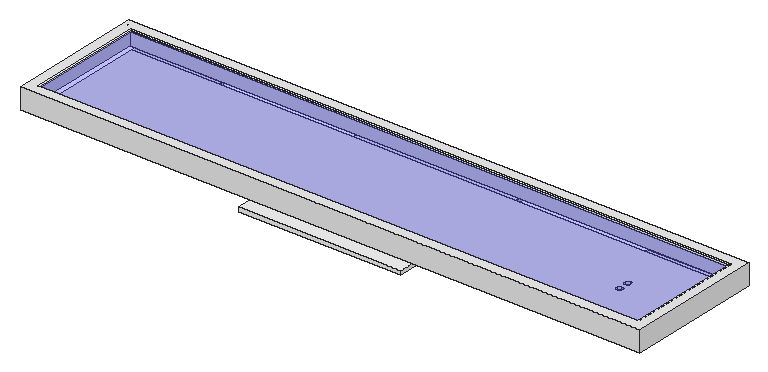
Revit family "BE_33312_de_DE", category Leuchten, Revit 2015
Parameters (values of type "BEGA_33312_Weiß_K4")
  built-in parameter 1150104 = 13.494 (stored number, unit not read)
  Wattage = 107.4 W
  Default Elevation = 0 mm
  built-in parameter 1150113 = 1 (stored number, unit not read)
  built-in parameter 1114218 = 1 (stored number, unit not read)
  Umgebungstemperatur = ""
  URL = "http://www.bega.de/produkt/33312"
  Typenkommentare = "© 2015 BEGA. Wir behalten uns das Recht vor, technische Änderungen ohne vorherige Ankündigung vorzunehmen."  # constant formula
  Type Image = 33312.png
  built-in parameter 1150134 = 12
  built-in parameter 1150109 = 1 (stored number, unit not read)
  Strom = ""
  built-in parameter 1150110 = 1 (stored number, unit not read)
  Spannung = 0 V
  Sonderanfertigung = no
  Seriennummer [instance] = "Hier können Sie die eindeutige Seriennummer für das Facility Management eintragen."
  Schutzklasse = "I"
  Schutzart = "IP 65"
  Scheinlast = 0 VA
  Produktdatenblatt = "http://www.bega.de/download/datenblaetter/de/33312.pdf"
  Oberflächentemperatur = ""
  Neigungswinkel = 0.00°
  Modell = "33312WK4"
  Material_17 = BEGA_Reflektor
  Material_15 = BEGA_Leuchtmedium_matt
  Material_11 = BEGA_Glas_opal
  Material_09 = BEGA_Glas_klar
  Material_06 = BEGA_Oberfläche_Edelstahl_gebürstet
  Material_03 = BEGA_Oberfläche_Weiss_matt
  Material_02 = BEGA_Oberfläche_Silber_matt
  Material_01 [instance] = BEGA_Oberfläche_Grafit_matt
  M_W = yes
  M_G = no
  M_A = no
  Logo = 0
  built-in parameter 1114217 = 1 (stored number, unit not read)
  built-in parameter 1150139 = (empty or 0)
  built-in parameter 1150105 = 1241.4 (stored number, unit not read)
  built-in parameter 1150114 = 1 (stored number, unit not read)
  Lumens = 15599.9 lm
  built-in parameter 1150115 = 1 (stored number, unit not read)
  Leuchtenlichtstrom = "6916 lm"
  Leuchtenanzahl = ""
  Lebensdauerkriterien = "L70 = 50.000 h"
  Lastklassifizierung = Beleuchtung
  built-in parameter 1150112 = 1 (stored number, unit not read)
  Lampenlichtstrom = "15600 lm"
  Lampe = "LED 107.4 W"
  LED_Modulbezeichnung = "6x LED-0466/840 "
  built-in parameter 1150142 = (empty or 0)
  Hersteller = "BEGA"  # constant formula
  Halbstreuwinkel = ""
  Gewicht = ""
  Gebrauchslageneinschränkung [instance] = ""
  Frequenz = "0/50-60 Hz"
  Farbwiedergabeindex = "Ra > 80"
  Farbtemperaturverschiebung bei Dämpfen der Lampe = <Keine Auswahl>
  Farbtemperatur = "4000 K"
  Color Filter = 16777215
  built-in parameter 1150133 = 10 (stored number, unit not read)
  Energieeffizienzklasse = "LED A++ - A"
  built-in parameter 1150137 = (empty or 0)
  built-in parameter 1150132 = (empty or 0)
  ENEC = ""
  Dimmbar [instance] = "1-10 V SELV + DALI"
  Datei für fotometrisches Netz = "BE_33312K4.IES"
  CE_Konformität = "ja"
  Bestellnummer = "33312WK4"
  Beschreibung_Sonderanfertigung = "Hier können Sie Informationen zur Sonderanfertigung eintragen."
  Beschreibung = "Decken- und Wandleuchte"
  built-in parameter 1150106 = 12.414 (stored number, unit not read)
  Befestigungsbohrung = "Ø 7 mm"
  Befestigungsabstand = ""
  Ballwurfsicher = ""
  BEGA_Intern_aus = yes
  BEGA_Intern_an = yes
  BEGA_Intern_Konstruktion = yes
  BEGA_Intern = yes
  BEGA_IES = yes
  BEGA_Dummy = no
  Anschlussleitung = ""
  Anschlussleistung [instance] = "122 W"
  Anschlusskasten = ""
  built-in parameter 1150107 = 4000 (stored number, unit not read)
  built-in parameter 1150102 = (empty or 0)
  built-in parameter 1150138 = (empty or 0)
  Aktualisierung = "2016-04-15T04:10:41"
  Abstand_zur_angestrahlten_Fläche [instance] = ""
  AC/DC = "AC/DC"
Types (6, lengths in mm): name | built-in parameter 1150104 | built-in parameter 1150134 | Modell | M_W | M_G | M_A | built-in parameter 1150105 | Lumens | Leuchtenlichtstrom | Lampenlichtstrom | LED_Modulbezeichnung | Farbtemperatur | Datei für fotometrisches Netz | Bestellnummer | built-in parameter 1150106 | built-in parameter 1150107
  BEGA_33312_Grafit_K3 | 13.8 (stored number, unit not read) | (empty or 0) | "33312" | no | yes | no | 1269.5 (stored number, unit not read) | 15953.4 lm | "6331 lm" | "14280 lm" | "6x LED-0466/830 " | "3000 K" | "BE_33312.IES" | "33312" | 12.695 (stored number, unit not read) | 3000 (stored number, unit not read)
  BEGA_33312_Silber_K3 | 12.352 (stored number, unit not read) | (empty or 0) | "33312A" | no | no | yes | 1136.4 (stored number, unit not read) | 14279.9 lm | "6331 lm" | "14280 lm" | "6x LED-0466/830 " | "3000 K" | "BE_33312.IES" | "33312A" | 11.364 (stored number, unit not read) | 3000 (stored number, unit not read)
  BEGA_33312_Silber_K4 | 13.494 (stored number, unit not read) | 12 | "33312AK4" | no | no | yes | 1241.4 (stored number, unit not read) | 15599.9 lm | "6916 lm" | "15600 lm" | "6x LED-0466/840 " | "4000 K" | "BE_33312K4.IES" | "33312AK4" | 12.414 (stored number, unit not read) | 4000 (stored number, unit not read)
  BEGA_33312_Weiß_K4 | 13.494 (stored number, unit not read) | 12 | "33312WK4" | yes | no | no | 1241.4 (stored number, unit not read) | 15599.9 lm | "6916 lm" | "15600 lm" | "6x LED-0466/840 " | "4000 K" | "BE_33312K4.IES" | "33312WK4" | 12.414 (stored number, unit not read) | 4000 (stored number, unit not read)
  BEGA_33312_Weiß_K3 | 12.352 (stored number, unit not read) | (empty or 0) | "33312W" | yes | no | no | 1136.4 (stored number, unit not read) | 14279.9 lm | "6331 lm" | "14280 lm" | "6x LED-0466/830 " | "3000 K" | "BE_33312.IES" | "33312W" | 11.364 (stored number, unit not read) | 3000 (stored number, unit not read)
  BEGA_33312_Grafit_K4 | 13.494 (stored number, unit not read) | 12 | "33312K4" | no | yes | no | 1241.4 (stored number, unit not read) | 15599.9 lm | "6916 lm" | "15600 lm" | "6x LED-0466/840 " | "4000 K" | "BE_33312K4.IES" | "33312K4" | 12.414 (stored number, unit not read) | 4000 (stored number, unit not read)
Reference planes
  plane 1 "Mitte (Vorne/Hinten)": y = 0
  plane 2: z = 0
  plane 3 "Mitte (Links/Rechts)": x = 0
  plane 4 "Links": x = -768.25
  plane 5 "Rechts": x = 768.25
  plane 6 "Unten": y = -168.25
  plane 7 "Oben": y = 168.25
  plane 8 "Vorne": z = 54.35
Forms (mm)
  Extrusion 1, solid, material "BEGA_Platte_Weiss"
    sketch origin (0, -1119.2, 0) x (1, 0, 0) y (0, 1, 0)
      loop
        line (-200, 1319.2) -> (-200, 919.2) -> (200, 919.2) -> (200, 1319.2) -> (-200, 1319.2)
    from 0 to -10
  Extrusion 2, solid, material "BEGA_Dummy_matt", visible <- "BEGA_Dummy"
    sketch origin (80.095, -76.023, 0) x (1, 0, 0) y (0, 1, 0)
      loop
        line (-848.345, 244.273) -> (-848.345, -92.227) -> (688.155, -92.227) -> (688.155, 244.273) -> (-848.345, 244.273)
    from 0 to 54.35
Dimensions and locks
  plane 1 "Mitte (Vorne/Hinten)" to Extrusion 1 = 200 mm
  aligned and locked: plane 2 to Extrusion 1
  aligned and locked: level to Extrusion 1
Nested families
  nested 1: "BE_33312" at (0, 0, 0), type "BE_33312"
Connectors
  electrical at (0, 0, 0), driven by "Lastklassifizierung", driven by "Spannung", driven by "Scheinlast"
    settings: index 1, voltage 0 V, apparent load 0 VA, apparent load phase1 0 VA, apparent load phase2 0 VA, apparent load phase3 0 VA, power factor 1, load classification "Beleuchtung", number of poles 1, system type 31, power factor state 1, is connector primary yes, connector utility no, sub classification motor no, connector description ""
Definition of nested family "BE_33312"
  Parameters (values of type "BE_33312")
    Default Elevation = 1 mm
    URL = "http://www.bega.de/de/produkt"
    Type Comments = "© 2015 BEGA. Wir behalten uns das Recht vor, technische Änderungen ohne vorherige Ankündigung vorzunehmen. "  # constant formula
    Type Image = (empty or 0)
    Material_17 = none
    Material_15 = none
    Material_11 = none
    Material_09 = none
    Material_06 = none
    Material_03 = none
    Material_02 = none
    Material_01 = none
    M_W = yes
    M_G = yes
    M_A = yes
    Länge_Platte = 1600 mm  # constant formula
    Höhe_Platte = -10 mm  # constant formula
    Manufacturer = "BEGA"  # constant formula
    Breite_Platte = 500 mm  # constant formula
  Reference planes
    plane 1 "Mitte (Oben/Unten)": y = 0
    plane 2: z = 0
    plane 3 "Mitte (Links/Rechts)": x = 0
    plane 4 "Vorne": z = 54.35
    plane 5 "Hinten": z = 0
    plane 6: x = -768.25
    plane 7: x = 768.25
    plane 8: y = -168.25
    plane 9: y = 168.25
  Forms (mm)
    Extrusion 1, solid, detail levels medium
      sketch origin (0, 0, 0) x (1, 0, 0) y (0, 1, 0)
        loop
          line (-800, 250) -> (-800, -250) -> (800, -250) -> (800, 250) -> (-800, 250)
      from 0 to -10 <- "Höhe_Platte"
    Sweep 2, solid, material <- "Material_01", visible <- "M_G", detail levels medium+fine
      path origin (0, 0, 0) x (1, 0, 0) y (0, 1, 0)
        loop
          line (-768.25, 168.25) -> (-768.25, -168.25) -> (768.25, -168.25) -> (768.25, 168.25) -> (-768.25, 168.25)
      profile origin (-768.25, 0, 0) x (1, 0, 0) y (0, 0, 1)
        loop
          line (0, 54.35) -> (0, 3.35) -> (8, 3.35) -> (8, 52.05) -> (24, 52.05) -> (24, 48.85) -> (26.5, 48.85) -> (26.5, 51.85) -> (24, 54.35) -> (0, 54.35)
    Extrusion 3, solid, material <- "Material_01", visible <- "M_G", detail levels medium+fine
      sketch origin (0, 0, 0) x (0, 1, 0) y (0, 0, -1)
        loop
          line (159.214, -4) -> (159.214, 0) -> (111.759, 0) -> (111.76, -4) -> (159.214, -4)
      from 527 to 745.75
    Extrusion 4, solid, material <- "Material_01", visible <- "M_G", detail levels medium+fine
      sketch origin (0, 0, 0) x (0, 1, 0) y (0, 0, 1)
        loop
          line (159.214, 4) -> (111.76, 4) -> (111.759, 0) -> (159.214, 0) -> (159.214, 4)
      from 527 to 745.75
    Extrusion 5, solid, material <- "Material_01", visible <- "M_G", detail levels medium+fine
      sketch origin (0, 0, 0) x (0, 1, 0) y (0, 0, 1)
        loop
          line (-114.387, 4) -> (-151.8, 4) -> (-154.716, 9.051)
          arc (-154.716, 9.051) -> (-155.216, 10.257) -> (-155.386, 11.551) r 5
          line (-155.386, 11.551) -> (-155.386, 13.5) -> (-159.886, 13.5) -> (-159.886, 10.006) -> (-155.553, 2.5)
          arc (-155.553, 2.5) -> (-153.723, 0.67) -> (-151.223, 0) r 5
          line (-151.223, 0) -> (-114.386, 0) -> (-114.387, 4)
      from -600 to 600
    Extrusion 6, solid, material <- "Material_01", visible <- "M_G", detail levels medium+fine
      sketch origin (0, 0, 0) x (1, 0, 0) y (0, 0, 1)
        loop
          line (-733.01, 11.35) -> (733.16, 11.35) -> (733.16, 15.35) -> (-733.01, 15.35) -> (-733.01, 11.35)
      from -132.954 to 132.914
    Extrusion 7, solid, material <- "Material_11", detail levels medium+fine
      sketch origin (0, 0, 0) x (1, 0, 0) y (0, 0, 1)
        loop
          line (-750, 48.55) -> (-750, 44.35) -> (750, 44.35) -> (750, 48.55) -> (-750, 48.55)
      from -149.975 to 150.009
    Sweep 8, solid, material <- "Material_02", visible <- "M_A", detail levels medium+fine
      path origin (0, 0, 0) x (1, 0, 0) y (0, 1, 0)
        loop
          line (-768.25, 168.25) -> (-768.25, -168.25) -> (768.25, -168.25) -> (768.25, 168.25) -> (-768.25, 168.25)
      profile origin (-768.25, 0, 0) x (1, 0, 0) y (0, 0, 1)
        loop
          line (0, 54.35) -> (0, 3.35) -> (8, 3.35) -> (8, 52.05) -> (24, 52.05) -> (24, 48.85) -> (26.5, 48.85) -> (26.5, 51.85) -> (24, 54.35) -> (0, 54.35)
    Extrusion 9, solid, material <- "Material_02", visible <- "M_A", detail levels medium+fine
      sketch origin (0, 0, 0) x (0, 1, 0) y (0, 0, -1)
        loop
          line (159.214, -4) -> (159.214, 0) -> (111.759, 0) -> (111.76, -4) -> (159.214, -4)
      from 527 to 745.75
    Extrusion 10, solid, material <- "Material_02", visible <- "M_A", detail levels medium+fine
      sketch origin (0, 0, 0) x (0, 1, 0) y (0, 0, 1)
        loop
          line (159.214, 4) -> (111.76, 4) -> (111.759, 0) -> (159.214, 0) -> (159.214, 4)
      from 527 to 745.75
    Extrusion 11, solid, material <- "Material_02", visible <- "M_A", detail levels medium+fine
      sketch origin (0, 0, 0) x (0, 1, 0) y (0, 0, 1)
        loop
          line (-114.387, 4) -> (-151.8, 4) -> (-154.716, 9.051)
          arc (-154.716, 9.051) -> (-155.216, 10.257) -> (-155.386, 11.551) r 5
          line (-155.386, 11.551) -> (-155.386, 13.5) -> (-159.886, 13.5) -> (-159.886, 10.006) -> (-155.553, 2.5)
          arc (-155.553, 2.5) -> (-153.723, 0.67) -> (-151.223, 0) r 5
          line (-151.223, 0) -> (-114.386, 0) -> (-114.387, 4)
      from -600 to 600
    Extrusion 12, solid, material <- "Material_02", visible <- "M_A", detail levels medium+fine
      sketch origin (0, 0, 0) x (1, 0, 0) y (0, 0, 1)
        loop
          line (-733.01, 11.35) -> (733.16, 11.35) -> (733.16, 15.35) -> (-733.01, 15.35) -> (-733.01, 11.35)
      from -132.954 to 132.914
    Sweep 13, solid, material <- "Material_03", visible <- "M_W", detail levels medium+fine
      path origin (0, 0, 0) x (1, 0, 0) y (0, 1, 0)
        loop
          line (-768.25, 168.25) -> (-768.25, -168.25) -> (768.25, -168.25) -> (768.25, 168.25) -> (-768.25, 168.25)
      profile origin (-768.25, 0, 0) x (1, 0, 0) y (0, 0, 1)
        loop
          line (0, 54.35) -> (0, 3.35) -> (8, 3.35) -> (8, 52.05) -> (24, 52.05) -> (24, 48.85) -> (26.5, 48.85) -> (26.5, 51.85) -> (24, 54.35) -> (0, 54.35)
    Extrusion 14, solid, material <- "Material_03", visible <- "M_W", detail levels medium+fine
      sketch origin (0, 0, 0) x (0, 1, 0) y (0, 0, -1)
        loop
          line (159.214, -4) -> (159.214, 0) -> (111.759, 0) -> (111.76, -4) -> (159.214, -4)
      from 527 to 745.75
    Extrusion 15, solid, material <- "Material_03", visible <- "M_W", detail levels medium+fine
      sketch origin (0, 0, 0) x (0, 1, 0) y (0, 0, 1)
        loop
          line (159.214, 4) -> (111.76, 4) -> (111.759, 0) -> (159.214, 0) -> (159.214, 4)
      from 527 to 745.75
    Extrusion 16, solid, material <- "Material_03", visible <- "M_W", detail levels medium+fine
      sketch origin (0, 0, 0) x (0, 1, 0) y (0, 0, 1)
        loop
          line (-114.387, 4) -> (-151.8, 4) -> (-154.716, 9.051)
          arc (-154.716, 9.051) -> (-155.216, 10.257) -> (-155.386, 11.551) r 5
          line (-155.386, 11.551) -> (-155.386, 13.5) -> (-159.886, 13.5) -> (-159.886, 10.006) -> (-155.553, 2.5)
          arc (-155.553, 2.5) -> (-153.723, 0.67) -> (-151.223, 0) r 5
          line (-151.223, 0) -> (-114.386, 0) -> (-114.387, 4)
      from -600 to 600
    Extrusion 17, solid, material <- "Material_03", visible <- "M_W", detail levels medium+fine
      sketch origin (0, 0, 0) x (1, 0, 0) y (0, 0, 1)
        loop
          line (-733.01, 11.35) -> (733.16, 11.35) -> (733.16, 15.35) -> (-733.01, 15.35) -> (-733.01, 11.35)
      from -132.954 to 132.914
    Extrusion 18, void
      sketch origin (0, 0, 0) x (1, 0, 0) y (0, 1, 0)
        loop
          line (-711.5, 131.714) -> (-711.5, 137.714)
          arc (-711.5, 137.714) -> (-715, 141.214) -> (-718.5, 137.714) r 3.5
          line (-718.5, 137.714) -> (-718.5, 131.714)
          arc (-718.5, 131.714) -> (-715, 128.214) -> (-711.5, 131.714) r 3.5
        loop
          arc (-568.5, 131.714) -> (-565, 128.214) -> (-561.5, 131.714) r 3.5
          line (-561.5, 131.714) -> (-561.5, 137.714)
          arc (-561.5, 137.714) -> (-565, 141.214) -> (-568.5, 137.714) r 3.5
          line (-568.5, 137.714) -> (-568.5, 131.714)
        loop
          line (568.5, 131.714) -> (568.5, 137.714)
          arc (568.5, 137.714) -> (565, 141.214) -> (561.5, 137.714) r 3.5
          line (561.5, 137.714) -> (561.5, 131.714)
          arc (561.5, 131.714) -> (565, 128.214) -> (568.5, 131.714) r 3.5
        loop
          arc (711.5, 131.714) -> (715, 128.214) -> (718.5, 131.714) r 3.5
          line (718.5, 131.714) -> (718.5, 137.714)
          arc (718.5, 137.714) -> (715, 141.214) -> (711.5, 137.714) r 3.5
          line (711.5, 137.714) -> (711.5, 131.714)
        loop
          arc (-516.5, -137.25) -> (-520, -133.75) -> (-523.5, -137.25) r 3.5
          line (-523.5, -137.25) -> (-523.5, -143.25)
          arc (-523.5, -143.25) -> (-520, -146.75) -> (-516.5, -143.25) r 3.5
          line (-516.5, -143.25) -> (-516.5, -137.25)
        loop
          arc (-266.5, -137.25) -> (-270, -133.75) -> (-273.5, -137.25) r 3.5
          line (-273.5, -137.25) -> (-273.5, -143.25)
          arc (-273.5, -143.25) -> (-270, -146.75) -> (-266.5, -143.25) r 3.5
          line (-266.5, -143.25) -> (-266.5, -137.25)
        loop
          arc (273.5, -137.25) -> (270, -133.75) -> (266.5, -137.25) r 3.5
          line (266.5, -137.25) -> (266.5, -143.25)
          arc (266.5, -143.25) -> (270, -146.75) -> (273.5, -143.25) r 3.5
          line (273.5, -143.25) -> (273.5, -137.25)
        loop
          arc (516.5, -143.25) -> (520, -146.75) -> (523.5, -143.25) r 3.5
          line (523.5, -143.25) -> (523.5, -137.25)
          arc (523.5, -137.25) -> (520, -133.75) -> (516.5, -137.25) r 3.5
          line (516.5, -137.25) -> (516.5, -143.25)
      from 0 to 8.823
    Extrusion 19, void
      sketch origin (0, 0, 0) x (1, 0, 0) y (0, 1, 0)
        loop
          circle (593.864, 13.251) r 7.5
        loop
          circle (593.864, -13.251) r 7.5
      from 6.807 to 25.968
  Cuts and joins
    Extrusion 18, Extrusion 19 cuts Sweep 2
    Extrusion 18, Extrusion 19 cuts Extrusion 3
    Extrusion 18, Extrusion 19 cuts Extrusion 4
    Extrusion 18, Extrusion 19 cuts Extrusion 5
    Extrusion 18, Extrusion 19 cuts Extrusion 6
    joined: Sweep 2, Extrusion 3, Extrusion 4, Extrusion 5, Extrusion 6
    Extrusion 18, Extrusion 19 cuts Sweep 8
    Extrusion 18, Extrusion 19 cuts Extrusion 9
    Extrusion 18, Extrusion 19 cuts Extrusion 10
    Extrusion 18, Extrusion 19 cuts Extrusion 11
    Extrusion 18, Extrusion 19 cuts Extrusion 12
    joined: Sweep 8, Extrusion 9, Extrusion 10, Extrusion 11, Extrusion 12
    Extrusion 18, Extrusion 19 cuts Sweep 13
    Extrusion 18, Extrusion 19 cuts Extrusion 14
    Extrusion 18, Extrusion 19 cuts Extrusion 15
    Extrusion 18, Extrusion 19 cuts Extrusion 16
    Extrusion 18, Extrusion 19 cuts Extrusion 17
    joined: Sweep 13, Extrusion 14, Extrusion 15, Extrusion 16, Extrusion 17
    Extrusion 18, Extrusion 19 cuts Extrusion 7
  Dimensions and locks
    equal spacing: Extrusion 1 sketch curve, plane 3 "Mitte (Links/Rechts)", Extrusion 1 sketch curve
    equal spacing: Extrusion 1 sketch curve, plane 1 "Mitte (Oben/Unten)", Extrusion 1 sketch curve
    "Länge_Platte": Extrusion 1 sketch curve to Extrusion 1 sketch curve
    "Breite_Platte": Extrusion 1 sketch curve to Extrusion 1 sketch curve
    level to Extrusion 17 = 15.35 mm
    aligned and locked: Extrusion 1 to plane 2
    aligned and locked: level to Extrusion 1
  Automatic sketch dimensions
    profile plane to Sweep 2 sketch curve = 0 mm
    Sweep 2 sketch curve to profile plane = 8 mm
    Sweep 2 sketch curve to Sweep 2 sketch curve = 16 mm
    Sweep 2 sketch curve to Sweep 2 sketch curve = 0 mm
    Sweep 2 sketch curve to Sweep 2 sketch curve = 2.5 mm
    level to Sweep 2 sketch curve = 3.35 mm
    Sweep 2 sketch curve to Sweep 2 sketch curve = 45.5 mm
    Sweep 2 sketch curve to Sweep 2 sketch curve = 3 mm
    Sweep 2 sketch curve to Sweep 2 sketch curve = 3.2 mm
    Sweep 2 sketch curve to Sweep 2 sketch curve = 2.3 mm
    Extrusion 3 sketch curve to level = 0 mm
    level to Extrusion 3 sketch curve = 4 mm
    Extrusion 3 sketch curve to Extrusion 3 sketch curve = 0.001 mm
    Extrusion 4 sketch curve to level = 0 mm
    level to Extrusion 4 sketch curve = 4 mm
    Extrusion 4 sketch curve to Extrusion 4 sketch curve = 0.001 mm
    level to Extrusion 5 sketch curve = 5 mm
    level to Extrusion 5 sketch curve = 2.5 mm  (x2)
    Extrusion 5 sketch curve to Extrusion 5 sketch curve = 0.577 mm
    Extrusion 5 sketch curve to Extrusion 5 sketch curve = 37.413 mm
    level to Extrusion 5 sketch curve = 4 mm
    Extrusion 5 sketch curve to Extrusion 5 sketch curve = 0.001 mm
    Extrusion 5 sketch curve to Extrusion 5 sketch curve = 4.333 mm
    Extrusion 5 sketch curve to Extrusion 5 sketch curve = 7.506 mm
    Extrusion 5 sketch curve to Extrusion 5 sketch curve = 0 mm  (x2)
    Extrusion 5 sketch curve to Extrusion 5 sketch curve = 5.17 mm
    Extrusion 5 sketch curve to Extrusion 5 sketch curve = 3.494 mm
    Extrusion 5 sketch curve to Extrusion 5 sketch curve = 0.67 mm
    Extrusion 5 sketch curve to Extrusion 5 sketch curve = 4.449 mm
    Extrusion 5 sketch curve to Extrusion 5 sketch curve = 1.949 mm
    Extrusion 5 sketch curve to Extrusion 5 sketch curve = 5 mm
    Extrusion 5 sketch curve to level = 0 mm
    Extrusion 6 sketch curve to Extrusion 6 sketch curve = 4 mm
    Extrusion 6 sketch curve to Extrusion 6 sketch curve = 1466.17 mm
    level to Extrusion 6 sketch curve = 11.35 mm
    level to Extrusion 7 sketch curve = 48.55 mm
    Extrusion 7 sketch curve to Extrusion 7 sketch curve = 4.2 mm
    profile plane to Sweep 8 sketch curve = 0 mm
    Sweep 8 sketch curve to profile plane = 8 mm
    Sweep 8 sketch curve to Sweep 8 sketch curve = 16 mm
    Sweep 8 sketch curve to Sweep 8 sketch curve = 0 mm
    Sweep 8 sketch curve to Sweep 8 sketch curve = 2.5 mm
    level to Sweep 8 sketch curve = 3.35 mm
    Sweep 8 sketch curve to Sweep 8 sketch curve = 45.5 mm
    Sweep 8 sketch curve to Sweep 8 sketch curve = 3 mm
    Sweep 8 sketch curve to Sweep 8 sketch curve = 3.2 mm
    Sweep 8 sketch curve to Sweep 8 sketch curve = 2.3 mm
    Extrusion 9 sketch curve to level = 0 mm
    level to Extrusion 9 sketch curve = 4 mm
    Extrusion 9 sketch curve to Extrusion 9 sketch curve = 0.001 mm
    Extrusion 10 sketch curve to level = 0 mm
    level to Extrusion 10 sketch curve = 4 mm
    Extrusion 10 sketch curve to Extrusion 10 sketch curve = 0.001 mm
    Extrusion 11 sketch curve to level = 0 mm
    level to Extrusion 11 sketch curve = 10.006 mm
    Extrusion 11 sketch curve to Extrusion 11 sketch curve = 4.5 mm
    level to Extrusion 11 sketch curve = 4 mm
    Extrusion 11 sketch curve to Extrusion 11 sketch curve = 3.586 mm
    Extrusion 11 sketch curve to Extrusion 11 sketch curve = 0.577 mm
    Extrusion 11 sketch curve to Extrusion 11 sketch curve = 5 mm
    Extrusion 11 sketch curve to Extrusion 11 sketch curve = 35.999 mm
    Extrusion 11 sketch curve to Extrusion 11 sketch curve = 0.001 mm
    Extrusion 11 sketch curve to Extrusion 11 sketch curve = 1 mm
    Extrusion 11 sketch curve to Extrusion 11 sketch curve = 6.551 mm
    Extrusion 11 sketch curve to Extrusion 11 sketch curve = 1.949 mm
    level to Extrusion 11 sketch curve = 2.5 mm
    Extrusion 11 sketch curve to Extrusion 11 sketch curve = 3.753 mm
    Extrusion 11 sketch curve to Extrusion 11 sketch curve = 0 mm  (x2)
    level to Extrusion 11 sketch curve = 9.051 mm
    Extrusion 11 sketch curve to Extrusion 11 sketch curve = 0.67 mm
    level to Extrusion 12 sketch curve = 15.35 mm
    Extrusion 12 sketch curve to Extrusion 12 sketch curve = 1466.17 mm
    Extrusion 12 sketch curve to Extrusion 12 sketch curve = 4 mm
    profile plane to Sweep 13 sketch curve = 0 mm
    Sweep 13 sketch curve to profile plane = 8 mm
    Sweep 13 sketch curve to Sweep 13 sketch curve = 16 mm
    Sweep 13 sketch curve to Sweep 13 sketch curve = 0 mm
    Sweep 13 sketch curve to Sweep 13 sketch curve = 2.5 mm
    level to Sweep 13 sketch curve = 3.35 mm
    Sweep 13 sketch curve to Sweep 13 sketch curve = 45.5 mm
    Sweep 13 sketch curve to Sweep 13 sketch curve = 3 mm
    Sweep 13 sketch curve to Sweep 13 sketch curve = 3.2 mm
    Sweep 13 sketch curve to Sweep 13 sketch curve = 2.3 mm
    Extrusion 14 sketch curve to level = 0 mm
    level to Extrusion 14 sketch curve = 4 mm
    Extrusion 14 sketch curve to Extrusion 14 sketch curve = 0.001 mm
    Extrusion 15 sketch curve to level = 0 mm
    level to Extrusion 15 sketch curve = 4 mm
    Extrusion 15 sketch curve to Extrusion 15 sketch curve = 0.001 mm
    Extrusion 16 sketch curve to level = 0 mm
    level to Extrusion 16 sketch curve = 10.006 mm
    Extrusion 16 sketch curve to Extrusion 16 sketch curve = 4.5 mm
    level to Extrusion 16 sketch curve = 4 mm
    Extrusion 16 sketch curve to Extrusion 16 sketch curve = 3.586 mm
    Extrusion 16 sketch curve to Extrusion 16 sketch curve = 0.577 mm
    Extrusion 16 sketch curve to Extrusion 16 sketch curve = 5 mm
    Extrusion 16 sketch curve to Extrusion 16 sketch curve = 35.999 mm
    Extrusion 16 sketch curve to Extrusion 16 sketch curve = 0.001 mm
    Extrusion 16 sketch curve to Extrusion 16 sketch curve = 1 mm
    Extrusion 16 sketch curve to Extrusion 16 sketch curve = 6.551 mm
    Extrusion 16 sketch curve to Extrusion 16 sketch curve = 1.949 mm
    level to Extrusion 16 sketch curve = 2.5 mm
    Extrusion 16 sketch curve to Extrusion 16 sketch curve = 3.753 mm
    Extrusion 16 sketch curve to Extrusion 16 sketch curve = 0 mm  (x2)
    level to Extrusion 16 sketch curve = 9.051 mm
    Extrusion 16 sketch curve to Extrusion 16 sketch curve = 0.67 mm
    level to Extrusion 17 sketch curve = 15.35 mm
    Extrusion 17 sketch curve to Extrusion 17 sketch curve = 1466.17 mm
    Extrusion 17 sketch curve to Extrusion 17 sketch curve = 4 mm
    Extrusion 18 sketch curve to Extrusion 18 sketch curve = 3.5 mm  (x8)
    Extrusion 18 sketch curve to Extrusion 18 sketch curve = 6 mm  (x8)
    Extrusion 18 sketch curve to Extrusion 18 sketch curve = 143 mm  (x2)
    Extrusion 18 sketch curve to Extrusion 18 sketch curve = 1123 mm
    Extrusion 18 sketch curve to Extrusion 18 sketch curve = 1242 mm
    Extrusion 18 sketch curve to Extrusion 18 sketch curve = 246.5 mm
    Extrusion 18 sketch curve to Extrusion 18 sketch curve = 536.5 mm
    Extrusion 18 sketch curve to Extrusion 18 sketch curve = 243 mm
    plane 1 "Mitte (Oben/Unten)" to Extrusion 19 sketch curve = 13.251 mm
    Extrusion 19 sketch curve to plane 1 "Mitte (Oben/Unten)" = 13.251 mm
    Extrusion 19 sketch curve to Extrusion 19 sketch curve = 0 mm
    plane 3 "Mitte (Links/Rechts)" to Sweep 2 sketch curve = 768.25 mm
    Extrusion 6 sketch curve to plane 3 "Mitte (Links/Rechts)" = 733.01 mm
    plane 3 "Mitte (Links/Rechts)" to Extrusion 7 sketch curve = 750 mm
    plane 3 "Mitte (Links/Rechts)" to Sweep 8 sketch curve = 768.25 mm
    Extrusion 12 sketch curve to plane 3 "Mitte (Links/Rechts)" = 733.01 mm
    plane 3 "Mitte (Links/Rechts)" to Sweep 13 sketch curve = 768.25 mm
    Extrusion 17 sketch curve to plane 3 "Mitte (Links/Rechts)" = 733.01 mm
    plane 3 "Mitte (Links/Rechts)" to Extrusion 19 sketch curve = 593.864 mm
    Sweep 2 sketch curve to plane 3 "Mitte (Links/Rechts)" = 768.25 mm
    Extrusion 7 sketch curve to plane 3 "Mitte (Links/Rechts)" = 750 mm
    Sweep 8 sketch curve to plane 3 "Mitte (Links/Rechts)" = 768.25 mm
    Sweep 13 sketch curve to plane 3 "Mitte (Links/Rechts)" = 768.25 mm
    Extrusion 18 sketch curve to plane 3 "Mitte (Links/Rechts)" = 718.5 mm
    plane 1 "Mitte (Oben/Unten)" to Sweep 2 sketch curve = 168.25 mm
    plane 1 "Mitte (Oben/Unten)" to Extrusion 5 sketch curve = 159.886 mm
    plane 1 "Mitte (Oben/Unten)" to Sweep 8 sketch curve = 168.25 mm
    plane 1 "Mitte (Oben/Unten)" to Extrusion 11 sketch curve = 159.886 mm
    plane 1 "Mitte (Oben/Unten)" to Sweep 13 sketch curve = 168.25 mm
    plane 1 "Mitte (Oben/Unten)" to Extrusion 16 sketch curve = 159.886 mm
    plane 1 "Mitte (Oben/Unten)" to Extrusion 18 sketch curve = 137.25 mm  (x4)
    Sweep 2 sketch curve to plane 1 "Mitte (Oben/Unten)" = 168.25 mm
    Extrusion 3 sketch curve to plane 1 "Mitte (Oben/Unten)" = 111.759 mm
    Extrusion 3 sketch curve to Extrusion 3 sketch curve = 47.455 mm
    Extrusion 4 sketch curve to plane 1 "Mitte (Oben/Unten)" = 111.759 mm
    Extrusion 4 sketch curve to Extrusion 4 sketch curve = 47.455 mm
    Sweep 8 sketch curve to plane 1 "Mitte (Oben/Unten)" = 168.25 mm
    Extrusion 9 sketch curve to plane 1 "Mitte (Oben/Unten)" = 111.759 mm
    Extrusion 9 sketch curve to Extrusion 9 sketch curve = 47.455 mm
    Extrusion 10 sketch curve to plane 1 "Mitte (Oben/Unten)" = 111.759 mm
    Extrusion 10 sketch curve to Extrusion 10 sketch curve = 47.455 mm
    Sweep 13 sketch curve to plane 1 "Mitte (Oben/Unten)" = 168.25 mm
    Extrusion 14 sketch curve to plane 1 "Mitte (Oben/Unten)" = 111.759 mm
    Extrusion 14 sketch curve to Extrusion 14 sketch curve = 47.455 mm
    Extrusion 15 sketch curve to plane 1 "Mitte (Oben/Unten)" = 111.759 mm
    Extrusion 15 sketch curve to Extrusion 15 sketch curve = 47.455 mm
    Extrusion 18 sketch curve to plane 1 "Mitte (Oben/Unten)" = 131.714 mm  (x4)
    radius of Extrusion 19 sketch curve = 7.5 mm  (x2)
